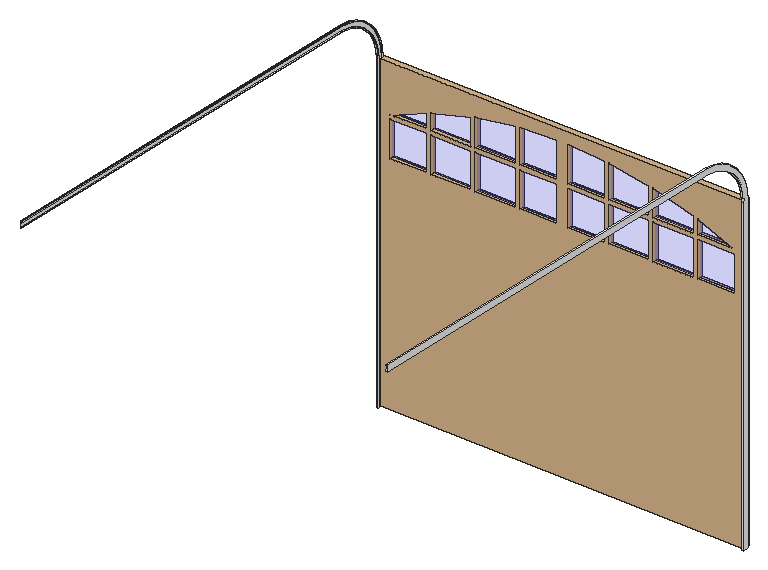
Revit family
Parameters (values of type "7Ft H x 8Ft W")
  Track Width = Width + 0' 2"  # 8' - 2"
  Track Height = Height + 1' 0"  # 8' - 0"
  Track Depth = 10' - 0"
  Track = Metal
  SmartBIM Object Version = 1  # constant formula
  SmartBIM Object Created By = "Reed Construction Data"  # constant formula
  Rough Width = 0' - 0"
  Rough Height = 0' - 0"
  Panel Thickness = 0' - 1 1/2"
  Manufacturer = ""
  Height = 7' - 0"
  Wall Closure = (empty or 0)
  Width = 8' - 0"
  Door Glass = Glass
  Door = Wood
  95 CSI = "08360"  # constant formula
  04 CSI = "08 36 13"  # constant formula
Types (3): name | Track Width | Manufacturer | Width
  (no name) | 8' - 2" | "" | 8' - 0"
  7Ft H x 8Ft W | 8' - 2" | "" | 8' - 0"
  7Ft H x 16Ft W | 16' - 2" | "Reed Construction Data" | 16' - 0"
Reference planes (in)
  plane 1 "Center (Front/Back)": y = 0
  plane 2 "Center (Left/Right)": x = 0
  plane 3 "Left": x = -48
  plane 4 "Right": x = 48
  plane 5 "Top": z = 84
  plane 6: x = -49
  plane 7: x = 49
  plane 8: y = -3.25
  plane 9: z = 60.75
  plane 10: z = 20.25
  plane 11: z = 40.5
  plane 12: z = 81
  plane 13: x = 24
  plane 14: x = -24
  plane 15: y = -2.5
  plane 16: y = -2.5
  plane 17 "Ext": y = -3.25
  plane 18: y = -2.5
  plane 19 "Int": y = -1.75
  plane 20: x = -36
  plane 21: x = -12
  plane 22: x = 12
  plane 23: x = 36
  plane 24: z = 70.875
  plane 25: y = -2.78252
  plane 26: y = -2.21748
Forms (in)
  Extrusion 1, solid, material "Wood" <- "Door"
    sketch origin (0, 0, 0) x (1, 0, 0) y (0, 0, 1)
      loop
        line (-49, 84) -> (-49, 0) -> (49, 0) -> (49, 84) -> (-49, 84)
      loop
        line (46.5, 60.75) -> (46.5, 70.375) -> (36.5, 70.375) -> (36.5, 60.75) -> (46.5, 60.75)
      loop
        line (23.5, 60.75) -> (23.5, 70.375) -> (12.5, 70.375) -> (12.5, 60.75) -> (23.5, 60.75)
      loop
        line (-1.5, 60.75) -> (-1.5, 70.375) -> (-11.5, 70.375) -> (-11.5, 60.75) -> (-1.5, 60.75)
      loop
        line (1.5, 81) -> (1.5, 71.375) -> (11.5, 71.375) -> (11.5, 80.54454)
        arc (11.5, 80.54454) -> (6.50518, 80.88608) -> (1.5, 81) r 110.00731
      loop
        line (-24.5, 60.75) -> (-24.5, 70.375) -> (-35.5, 70.375) -> (-35.5, 60.75) -> (-24.5, 60.75)
      loop
        line (-46.5, 71.375) -> (-36.5, 71.375) -> (-36.5, 75.28367)
        arc (-36.5, 75.28367) -> (-41.54771, 73.45141) -> (-46.5, 71.375) r 110.00731
      loop
        line (-36.5, 60.75) -> (-36.5, 70.375) -> (-46.5, 70.375) -> (-46.5, 60.75) -> (-36.5, 60.75)
      loop
        line (-35.5, 75.61395) -> (-35.5, 71.375) -> (-24.5, 71.375) -> (-24.5, 78.56875)
        arc (-24.5, 78.56875) -> (-30.03827, 77.23381) -> (-35.5, 75.61395) r 110.00731
      loop
        line (-23.5, 71.375) -> (-12.5, 71.375) -> (-12.5, 80.44865)
        arc (-12.5, 80.44865) -> (-18.02114, 79.75233) -> (-23.5, 78.7777) r 110.00731
        line (-23.5, 78.7777) -> (-23.5, 71.375)
      loop
        line (-12.5, 60.75) -> (-12.5, 70.375) -> (-23.5, 70.375) -> (-23.5, 60.75) -> (-12.5, 60.75)
      loop
        line (-11.5, 80.54454) -> (-11.5, 71.375) -> (-1.5, 71.375) -> (-1.5, 81)
        arc (-1.5, 81) -> (-6.50518, 80.88608) -> (-11.5, 80.54454) r 110.00731
      loop
        line (11.5, 60.75) -> (11.5, 70.375) -> (1.5, 70.375) -> (1.5, 60.75) -> (11.5, 60.75)
      loop
        line (12.5, 80.44865) -> (12.5, 71.375) -> (23.5, 71.375) -> (23.5, 78.7777)
        arc (23.5, 78.7777) -> (18.02114, 79.75233) -> (12.5, 80.44865) r 110.00731
      loop
        line (24.5, 71.375) -> (35.5, 71.375) -> (35.5, 75.61395)
        arc (35.5, 75.61395) -> (30.03827, 77.23381) -> (24.5, 78.56875) r 110.00731
        line (24.5, 78.56875) -> (24.5, 71.375)
      loop
        line (35.5, 60.75) -> (35.5, 70.375) -> (24.5, 70.375) -> (24.5, 60.75) -> (35.5, 60.75)
      loop
        line (36.5, 75.28367) -> (36.5, 71.375) -> (46.5, 71.375)
        arc (46.5, 71.375) -> (41.54771, 73.45141) -> (36.5, 75.28367) r 110.00731
    from 1.75 to 3.25
  Extrusion 2, solid, material "Glass" <- "Door Glass"
    sketch origin (0, 0, 0) x (1, 0, 0) y (0, 0, 1)
      loop
        line (-36.5, 81) -> (-46.5, 81) -> (-46.5, 71.375) -> (-36.5, 71.375) -> (-36.5, 81)
      loop
        line (-46.5, 70.375) -> (-46.5, 60.75) -> (-36.5, 60.75) -> (-36.5, 70.375) -> (-46.5, 70.375)
      loop
        line (-24.5, 81) -> (-35.5, 81) -> (-35.5, 71.375) -> (-24.5, 71.375) -> (-24.5, 81)
      loop
        line (-35.5, 70.375) -> (-35.5, 60.75) -> (-24.5, 60.75) -> (-24.5, 70.375) -> (-35.5, 70.375)
      loop
        line (-12.5, 81) -> (-23.5, 81) -> (-23.5, 71.375) -> (-12.5, 71.375) -> (-12.5, 81)
      loop
        line (-23.5, 70.375) -> (-23.5, 60.75) -> (-12.5, 60.75) -> (-12.5, 70.375) -> (-23.5, 70.375)
      loop
        line (-11.5, 70.375) -> (-11.5, 60.75) -> (-1.5, 60.75) -> (-1.5, 70.375) -> (-11.5, 70.375)
      loop
        line (-1.5, 81) -> (-11.5, 81) -> (-11.5, 71.375) -> (-1.5, 71.375) -> (-1.5, 81)
      loop
        line (11.5, 81) -> (1.5, 81) -> (1.5, 71.375) -> (11.5, 71.375) -> (11.5, 81)
      loop
        line (23.5, 81) -> (12.5, 81) -> (12.5, 71.375) -> (23.5, 71.375) -> (23.5, 81)
      loop
        line (1.5, 70.375) -> (1.5, 60.75) -> (11.5, 60.75) -> (11.5, 70.375) -> (1.5, 70.375)
      loop
        line (12.5, 70.375) -> (12.5, 60.75) -> (23.5, 60.75) -> (23.5, 70.375) -> (12.5, 70.375)
      loop
        line (35.5, 81) -> (24.5, 81) -> (24.5, 71.375) -> (35.5, 71.375) -> (35.5, 81)
      loop
        line (24.5, 70.375) -> (24.5, 60.75) -> (35.5, 60.75) -> (35.5, 70.375) -> (24.5, 70.375)
      loop
        line (46.5, 71.375) -> (46.5, 81) -> (36.5, 81) -> (36.5, 71.375) -> (46.5, 71.375)
      loop
        line (36.5, 70.375) -> (36.5, 60.75) -> (46.5, 60.75) -> (46.5, 70.375) -> (36.5, 70.375)
    from 2.375 to 2.625
  Extrusion 3, void
    sketch origin (0, 0, 0) x (1, 0, 0) y (0, 0, 1)
      loop
        line (-36.5, 75.28367) -> (-36.5, 81) -> (-46.5, 81) -> (-46.5, 71.375)
        arc (-46.5, 71.375) -> (-41.54771, 73.45141) -> (-36.5, 75.28367) r 110.00731
      loop
        arc (-35.5, 75.61395) -> (-30.03827, 77.23381) -> (-24.5, 78.56875) r 110.00731
        line (-24.5, 78.56875) -> (-24.5, 81) -> (-35.5, 81) -> (-35.5, 75.61395)
      loop
        arc (-23.5, 78.7777) -> (-18.02114, 79.75233) -> (-12.5, 80.44865) r 110.00731
        line (-12.5, 80.44865) -> (-12.5, 81) -> (-23.5, 81) -> (-23.5, 78.7777)
      loop
        line (-11.5, 81) -> (-11.5, 80.54454)
        arc (-11.5, 80.54454) -> (-6.50518, 80.88608) -> (-1.5, 81) r 110.00731
        line (-1.5, 81) -> (-11.5, 81)
      loop
        line (11.5, 81) -> (1.5, 81)
        arc (1.5, 81) -> (6.50518, 80.88608) -> (11.5, 80.54454) r 110.00731
        line (11.5, 80.54454) -> (11.5, 81)
      loop
        line (12.5, 81) -> (12.5, 80.44865)
        arc (12.5, 80.44865) -> (18.02114, 79.75233) -> (23.5, 78.7777) r 110.00731
        line (23.5, 78.7777) -> (23.5, 81) -> (12.5, 81)
      loop
        line (24.5, 81) -> (24.5, 78.56875)
        arc (24.5, 78.56875) -> (30.03827, 77.23381) -> (35.5, 75.61395) r 110.00731
        line (35.5, 75.61395) -> (35.5, 81) -> (24.5, 81)
      loop
        line (36.5, 81) -> (36.5, 75.28367)
        arc (36.5, 75.28367) -> (41.54771, 73.45141) -> (46.5, 71.375) r 110.00731
        line (46.5, 71.375) -> (46.5, 81) -> (36.5, 81)
    from 2.21748 to 2.78252
Cuts and joins
  Extrusion 3 cuts Extrusion 1
  Extrusion 3 cuts Extrusion 2
Lines and regions (in)
  Opening 1
    outline origin (-90, -1.75, 0) x (1, 0, 0) y (0, 0, 1)
      loop
        line (42, 0) -> (138, 0) -> (138, 84) -> (42, 84) -> (42, 0)
  model lines
    curve 1: line (25.5, -3.25, 59.25) -> (25.5, -3.25, 42)
    curve 2: line (25.5, -3.25, 42) -> (46.5, -3.25, 42)
    curve 3: line (46.5, -3.25, 42) -> (46.5, -3.25, 59.25)
    curve 4: line (46.5, -3.25, 59.25) -> (25.5, -3.25, 59.25)
    curve 5: line (45, -3.25, 57.75) -> (27, -3.25, 57.75)
    curve 6: line (27, -3.25, 57.75) -> (27, -3.25, 43.5)
    curve 7: line (27, -3.25, 43.5) -> (45, -3.25, 43.5)
    curve 8: line (45, -3.25, 43.5) -> (45, -3.25, 57.75)
    curve 9: line (1.5, -3.25, 59.25) -> (1.5, -3.25, 42)
    curve 10: line (1.5, -3.25, 42) -> (22.5, -3.25, 42)
    curve 11: line (22.5, -3.25, 42) -> (22.5, -3.25, 59.25)
    curve 12: line (22.5, -3.25, 59.25) -> (1.5, -3.25, 59.25)
    curve 13: line (21, -3.25, 57.75) -> (3, -3.25, 57.75)
    curve 14: line (3, -3.25, 57.75) -> (3, -3.25, 43.5)
    curve 15: line (3, -3.25, 43.5) -> (21, -3.25, 43.5)
    curve 16: line (21, -3.25, 43.5) -> (21, -3.25, 57.75)
    curve 17: line (-1.5, -3.25, 59.25) -> (-1.5, -3.25, 42)
    curve 18: line (-1.5, -3.25, 42) -> (-22.5, -3.25, 42)
    curve 19: line (-22.5, -3.25, 42) -> (-22.5, -3.25, 59.25)
    curve 20: line (-22.5, -3.25, 59.25) -> (-1.5, -3.25, 59.25)
    curve 21: line (-21, -3.25, 57.75) -> (-3, -3.25, 57.75)
    curve 22: line (-3, -3.25, 57.75) -> (-3, -3.25, 43.5)
    curve 23: line (-3, -3.25, 43.5) -> (-21, -3.25, 43.5)
    curve 24: line (-21, -3.25, 43.5) -> (-21, -3.25, 57.75)
    curve 25: line (-46.5, -3.25, 59.25) -> (-46.5, -3.25, 42)
    curve 26: line (-46.5, -3.25, 42) -> (-25.5, -3.25, 42)
    curve 27: line (-25.5, -3.25, 42) -> (-25.5, -3.25, 59.25)
    curve 28: line (-25.5, -3.25, 59.25) -> (-46.5, -3.25, 59.25)
    curve 29: line (-27, -3.25, 57.75) -> (-45, -3.25, 57.75)
    curve 30: line (-45, -3.25, 57.75) -> (-45, -3.25, 43.5)
    curve 31: line (-45, -3.25, 43.5) -> (-27, -3.25, 43.5)
    curve 32: line (-27, -3.25, 43.5) -> (-27, -3.25, 57.75)
    curve 33: line (-46.5, -3.25, 39) -> (-46.5, -3.25, 21.75)
    curve 34: line (-46.5, -3.25, 21.75) -> (-25.5, -3.25, 21.75)
    curve 35: line (-25.5, -3.25, 21.75) -> (-25.5, -3.25, 39)
    curve 36: line (-25.5, -3.25, 39) -> (-46.5, -3.25, 39)
    curve 37: line (-27, -3.25, 37.5) -> (-45, -3.25, 37.5)
    curve 38: line (-45, -3.25, 37.5) -> (-45, -3.25, 23.25)
    curve 39: line (-45, -3.25, 23.25) -> (-27, -3.25, 23.25)
    curve 40: line (-27, -3.25, 23.25) -> (-27, -3.25, 37.5)
    curve 41: line (-22.5, -3.25, 39) -> (-22.5, -3.25, 21.75)
    curve 42: line (-22.5, -3.25, 21.75) -> (-1.5, -3.25, 21.75)
    curve 43: line (-1.5, -3.25, 21.75) -> (-1.5, -3.25, 39)
    curve 44: line (-1.5, -3.25, 39) -> (-22.5, -3.25, 39)
    curve 45: line (-3, -3.25, 37.5) -> (-21, -3.25, 37.5)
    curve 46: line (-21, -3.25, 37.5) -> (-21, -3.25, 23.25)
    curve 47: line (-21, -3.25, 23.25) -> (-3, -3.25, 23.25)
    curve 48: line (-3, -3.25, 23.25) -> (-3, -3.25, 37.5)
    curve 49: line (22.5, -3.25, 39) -> (22.5, -3.25, 21.75)
    curve 50: line (22.5, -3.25, 21.75) -> (1.5, -3.25, 21.75)
    curve 51: line (1.5, -3.25, 21.75) -> (1.5, -3.25, 39)
    curve 52: line (1.5, -3.25, 39) -> (22.5, -3.25, 39)
    curve 53: line (3, -3.25, 37.5) -> (21, -3.25, 37.5)
    curve 54: line (21, -3.25, 37.5) -> (21, -3.25, 23.25)
    curve 55: line (21, -3.25, 23.25) -> (3, -3.25, 23.25)
    curve 56: line (3, -3.25, 23.25) -> (3, -3.25, 37.5)
    curve 57: line (25.5, -3.25, 39) -> (25.5, -3.25, 21.75)
    curve 58: line (25.5, -3.25, 21.75) -> (46.5, -3.25, 21.75)
    curve 59: line (46.5, -3.25, 21.75) -> (46.5, -3.25, 39)
    curve 60: line (46.5, -3.25, 39) -> (25.5, -3.25, 39)
    curve 61: line (45, -3.25, 37.5) -> (27, -3.25, 37.5)
    curve 62: line (27, -3.25, 37.5) -> (27, -3.25, 23.25)
    curve 63: line (27, -3.25, 23.25) -> (45, -3.25, 23.25)
    curve 64: line (45, -3.25, 23.25) -> (45, -3.25, 37.5)
    curve 65: line (-46.5, -3.25, 1.5) -> (-46.5, -3.25, 18.75)
    curve 66: line (-46.5, -3.25, 18.75) -> (-25.5, -3.25, 18.75)
    curve 67: line (-25.5, -3.25, 18.75) -> (-25.5, -3.25, 1.5)
    curve 68: line (-25.5, -3.25, 1.5) -> (-46.5, -3.25, 1.5)
    curve 69: line (-27, -3.25, 3) -> (-45, -3.25, 3)
    curve 70: line (-45, -3.25, 3) -> (-45, -3.25, 17.25)
    curve 71: line (-45, -3.25, 17.25) -> (-27, -3.25, 17.25)
    curve 72: line (-27, -3.25, 17.25) -> (-27, -3.25, 3)
    curve 73: line (-1.5, -3.25, 1.5) -> (-1.5, -3.25, 18.75)
    curve 74: line (-1.5, -3.25, 18.75) -> (-22.5, -3.25, 18.75)
    curve 75: line (-22.5, -3.25, 18.75) -> (-22.5, -3.25, 1.5)
    curve 76: line (-22.5, -3.25, 1.5) -> (-1.5, -3.25, 1.5)
    curve 77: line (-21, -3.25, 3) -> (-3, -3.25, 3)
    curve 78: line (-3, -3.25, 3) -> (-3, -3.25, 17.25)
    curve 79: line (-3, -3.25, 17.25) -> (-21, -3.25, 17.25)
    curve 80: line (-21, -3.25, 17.25) -> (-21, -3.25, 3)
    curve 81: line (1.5, -3.25, 1.5) -> (1.5, -3.25, 18.75)
    curve 82: line (1.5, -3.25, 18.75) -> (22.5, -3.25, 18.75)
    curve 83: line (22.5, -3.25, 18.75) -> (22.5, -3.25, 1.5)
    curve 84: line (22.5, -3.25, 1.5) -> (1.5, -3.25, 1.5)
    curve 85: line (21, -3.25, 3) -> (3, -3.25, 3)
    curve 86: line (3, -3.25, 3) -> (3, -3.25, 17.25)
    curve 87: line (3, -3.25, 17.25) -> (21, -3.25, 17.25)
    curve 88: line (21, -3.25, 17.25) -> (21, -3.25, 3)
    curve 89: line (46.5, -3.25, 1.5) -> (46.5, -3.25, 18.75)
    curve 90: line (46.5, -3.25, 18.75) -> (25.5, -3.25, 18.75)
    curve 91: line (25.5, -3.25, 18.75) -> (25.5, -3.25, 1.5)
    curve 92: line (25.5, -3.25, 1.5) -> (46.5, -3.25, 1.5)
    curve 93: line (27, -3.25, 3) -> (45, -3.25, 3)
    curve 94: line (45, -3.25, 3) -> (45, -3.25, 17.25)
    curve 95: line (45, -3.25, 17.25) -> (27, -3.25, 17.25)
    curve 96: line (27, -3.25, 17.25) -> (27, -3.25, 3)
    curve 97: line (25.5, -1.75, 59.25) -> (25.5, -1.75, 42)
    curve 98: line (25.5, -1.75, 42) -> (46.5, -1.75, 42)
    curve 99: line (46.5, -1.75, 42) -> (46.5, -1.75, 59.25)
    curve 100: line (46.5, -1.75, 59.25) -> (25.5, -1.75, 59.25)
    curve 101: line (45, -1.75, 57.75) -> (27, -1.75, 57.75)
    curve 102: line (27, -1.75, 57.75) -> (27, -1.75, 43.5)
    curve 103: line (27, -1.75, 43.5) -> (45, -1.75, 43.5)
    curve 104: line (45, -1.75, 43.5) -> (45, -1.75, 57.75)
    curve 105: line (1.5, -1.75, 59.25) -> (1.5, -1.75, 42)
    curve 106: line (1.5, -1.75, 42) -> (22.5, -1.75, 42)
    curve 107: line (22.5, -1.75, 42) -> (22.5, -1.75, 59.25)
    curve 108: line (22.5, -1.75, 59.25) -> (1.5, -1.75, 59.25)
    curve 109: line (21, -1.75, 57.75) -> (3, -1.75, 57.75)
    curve 110: line (3, -1.75, 57.75) -> (3, -1.75, 43.5)
    curve 111: line (3, -1.75, 43.5) -> (21, -1.75, 43.5)
    curve 112: line (21, -1.75, 43.5) -> (21, -1.75, 57.75)
    curve 113: line (-1.5, -1.75, 59.25) -> (-1.5, -1.75, 42)
    curve 114: line (-1.5, -1.75, 42) -> (-22.5, -1.75, 42)
    curve 115: line (-22.5, -1.75, 42) -> (-22.5, -1.75, 59.25)
    curve 116: line (-22.5, -1.75, 59.25) -> (-1.5, -1.75, 59.25)
    curve 117: line (-21, -1.75, 57.75) -> (-3, -1.75, 57.75)
    curve 118: line (-3, -1.75, 57.75) -> (-3, -1.75, 43.5)
    curve 119: line (-3, -1.75, 43.5) -> (-21, -1.75, 43.5)
    curve 120: line (-21, -1.75, 43.5) -> (-21, -1.75, 57.75)
    curve 121: line (-46.5, -1.75, 59.25) -> (-46.5, -1.75, 42)
    curve 122: line (-46.5, -1.75, 42) -> (-25.5, -1.75, 42)
    curve 123: line (-25.5, -1.75, 42) -> (-25.5, -1.75, 59.25)
    curve 124: line (-25.5, -1.75, 59.25) -> (-46.5, -1.75, 59.25)
    curve 125: line (-27, -1.75, 57.75) -> (-45, -1.75, 57.75)
    curve 126: line (-45, -1.75, 57.75) -> (-45, -1.75, 43.5)
    curve 127: line (-45, -1.75, 43.5) -> (-27, -1.75, 43.5)
    curve 128: line (-27, -1.75, 43.5) -> (-27, -1.75, 57.75)
    curve 129: line (-46.5, -1.75, 39) -> (-46.5, -1.75, 21.75)
    curve 130: line (-46.5, -1.75, 21.75) -> (-25.5, -1.75, 21.75)
    curve 131: line (-25.5, -1.75, 21.75) -> (-25.5, -1.75, 39)
    curve 132: line (-25.5, -1.75, 39) -> (-46.5, -1.75, 39)
    curve 133: line (-27, -1.75, 37.5) -> (-45, -1.75, 37.5)
    curve 134: line (-45, -1.75, 37.5) -> (-45, -1.75, 23.25)
    curve 135: line (-45, -1.75, 23.25) -> (-27, -1.75, 23.25)
    curve 136: line (-27, -1.75, 23.25) -> (-27, -1.75, 37.5)
    curve 137: line (-22.5, -1.75, 39) -> (-22.5, -1.75, 21.75)
    curve 138: line (-22.5, -1.75, 21.75) -> (-1.5, -1.75, 21.75)
    curve 139: line (-1.5, -1.75, 21.75) -> (-1.5, -1.75, 39)
    curve 140: line (-1.5, -1.75, 39) -> (-22.5, -1.75, 39)
    curve 141: line (-3, -1.75, 37.5) -> (-21, -1.75, 37.5)
    curve 142: line (-21, -1.75, 37.5) -> (-21, -1.75, 23.25)
    curve 143: line (-21, -1.75, 23.25) -> (-3, -1.75, 23.25)
    curve 144: line (-3, -1.75, 23.25) -> (-3, -1.75, 37.5)
    curve 145: line (22.5, -1.75, 39) -> (22.5, -1.75, 21.75)
    curve 146: line (22.5, -1.75, 21.75) -> (1.5, -1.75, 21.75)
    curve 147: line (1.5, -1.75, 21.75) -> (1.5, -1.75, 39)
    curve 148: line (1.5, -1.75, 39) -> (22.5, -1.75, 39)
    curve 149: line (3, -1.75, 37.5) -> (21, -1.75, 37.5)
    curve 150: line (21, -1.75, 37.5) -> (21, -1.75, 23.25)
    curve 151: line (21, -1.75, 23.25) -> (3, -1.75, 23.25)
    curve 152: line (3, -1.75, 23.25) -> (3, -1.75, 37.5)
    curve 153: line (25.5, -1.75, 39) -> (25.5, -1.75, 21.75)
    curve 154: line (25.5, -1.75, 21.75) -> (46.5, -1.75, 21.75)
    curve 155: line (46.5, -1.75, 21.75) -> (46.5, -1.75, 39)
    curve 156: line (46.5, -1.75, 39) -> (25.5, -1.75, 39)
    curve 157: line (45, -1.75, 37.5) -> (27, -1.75, 37.5)
    curve 158: line (27, -1.75, 37.5) -> (27, -1.75, 23.25)
    curve 159: line (27, -1.75, 23.25) -> (45, -1.75, 23.25)
    curve 160: line (45, -1.75, 23.25) -> (45, -1.75, 37.5)
    curve 161: line (-46.5, -1.75, 1.5) -> (-46.5, -1.75, 18.75)
    curve 162: line (-46.5, -1.75, 18.75) -> (-25.5, -1.75, 18.75)
    curve 163: line (-25.5, -1.75, 18.75) -> (-25.5, -1.75, 1.5)
    curve 164: line (-25.5, -1.75, 1.5) -> (-46.5, -1.75, 1.5)
    curve 165: line (-27, -1.75, 3) -> (-45, -1.75, 3)
    curve 166: line (-45, -1.75, 3) -> (-45, -1.75, 17.25)
    curve 167: line (-45, -1.75, 17.25) -> (-27, -1.75, 17.25)
    curve 168: line (-27, -1.75, 17.25) -> (-27, -1.75, 3)
    curve 169: line (-1.5, -1.75, 1.5) -> (-1.5, -1.75, 18.75)
    curve 170: line (-1.5, -1.75, 18.75) -> (-22.5, -1.75, 18.75)
    curve 171: line (-22.5, -1.75, 18.75) -> (-22.5, -1.75, 1.5)
    curve 172: line (-22.5, -1.75, 1.5) -> (-1.5, -1.75, 1.5)
    curve 173: line (-21, -1.75, 3) -> (-3, -1.75, 3)
    curve 174: line (-3, -1.75, 3) -> (-3, -1.75, 17.25)
    curve 175: line (-3, -1.75, 17.25) -> (-21, -1.75, 17.25)
    curve 176: line (-21, -1.75, 17.25) -> (-21, -1.75, 3)
    curve 177: line (1.5, -1.75, 1.5) -> (1.5, -1.75, 18.75)
    curve 178: line (1.5, -1.75, 18.75) -> (22.5, -1.75, 18.75)
    curve 179: line (22.5, -1.75, 18.75) -> (22.5, -1.75, 1.5)
    curve 180: line (22.5, -1.75, 1.5) -> (1.5, -1.75, 1.5)
    curve 181: line (21, -1.75, 3) -> (3, -1.75, 3)
    curve 182: line (3, -1.75, 3) -> (3, -1.75, 17.25)
    curve 183: line (3, -1.75, 17.25) -> (21, -1.75, 17.25)
    curve 184: line (21, -1.75, 17.25) -> (21, -1.75, 3)
    curve 185: line (46.5, -1.75, 1.5) -> (46.5, -1.75, 18.75)
    curve 186: line (46.5, -1.75, 18.75) -> (25.5, -1.75, 18.75)
    curve 187: line (25.5, -1.75, 18.75) -> (25.5, -1.75, 1.5)
    curve 188: line (25.5, -1.75, 1.5) -> (46.5, -1.75, 1.5)
    curve 189: line (27, -1.75, 3) -> (45, -1.75, 3)
    curve 190: line (45, -1.75, 3) -> (45, -1.75, 17.25)
    curve 191: line (45, -1.75, 17.25) -> (27, -1.75, 17.25)
    curve 192: line (27, -1.75, 17.25) -> (27, -1.75, 3)
    curve 193: line (3, -1.75, 57.75) -> (1.5, -1.75, 59.25)
    curve 194: line (3, -1.75, 43.5) -> (1.5, -1.75, 42)
    curve 195: line (21, -1.75, 57.75) -> (22.5, -1.75, 59.25)
    curve 196: line (21, -1.75, 43.5) -> (22.5, -1.75, 42)
    curve 197: line (45, -1.75, 57.75) -> (46.5, -1.75, 59.25)
    curve 198: line (45, -1.75, 43.5) -> (46.5, -1.75, 42)
    curve 199: line (27, -1.75, 57.75) -> (25.5, -1.75, 59.25)
    curve 200: line (27, -1.75, 43.5) -> (25.5, -1.75, 42)
    curve 201: line (45, -1.75, 23.25) -> (46.5, -1.75, 21.75)
    curve 202: line (45, -1.75, 37.5) -> (46.5, -1.75, 39)
    curve 203: line (27, -1.75, 23.25) -> (25.5, -1.75, 21.75)
    curve 204: line (27, -1.75, 37.5) -> (25.5, -1.75, 39)
    curve 205: line (45, -1.75, 17.25) -> (46.5, -1.75, 18.75)
    curve 206: line (45, -1.75, 3) -> (46.5, -1.75, 1.5)
    curve 207: line (27, -1.75, 17.25) -> (25.5, -1.75, 18.75)
    curve 208: line (27, -1.75, 3) -> (25.5, -1.75, 1.5)
    curve 209: line (3, -1.75, 17.25) -> (1.5, -1.75, 18.75)
    curve 210: line (3, -1.75, 3) -> (1.5, -1.75, 1.5)
    curve 211: line (21, -1.75, 17.25) -> (22.5, -1.75, 18.75)
    curve 212: line (21, -1.75, 3) -> (22.5, -1.75, 1.5)
    curve 213: line (-3, -1.75, 17.25) -> (-1.5, -1.75, 18.75)
    curve 214: line (-3, -1.75, 3) -> (-1.5, -1.75, 1.5)
    curve 215: line (-21, -1.75, 17.25) -> (-22.5, -1.75, 18.75)
    curve 216: line (-21, -1.75, 3) -> (-22.5, -1.75, 1.5)
    curve 217: line (-45, -1.75, 17.25) -> (-46.5, -1.75, 18.75)
    curve 218: line (-45, -1.75, 3) -> (-46.5, -1.75, 1.5)
    curve 219: line (-27, -1.75, 17.25) -> (-25.5, -1.75, 18.75)
    curve 220: line (-27, -1.75, 3) -> (-25.5, -1.75, 1.5)
    curve 221: line (-45, -1.75, 23.25) -> (-46.5, -1.75, 21.75)
    curve 222: line (-45, -1.75, 37.5) -> (-46.5, -1.75, 39)
    curve 223: line (-27, -1.75, 23.25) -> (-25.5, -1.75, 21.75)
    curve 224: line (-27, -1.75, 37.5) -> (-25.5, -1.75, 39)
    curve 225: line (-3, -1.75, 23.25) -> (-1.5, -1.75, 21.75)
    curve 226: line (-3, -1.75, 37.5) -> (-1.5, -1.75, 39)
    curve 227: line (-21, -1.75, 23.25) -> (-22.5, -1.75, 21.75)
    curve 228: line (-21, -1.75, 37.5) -> (-22.5, -1.75, 39)
    curve 229: line (3, -1.75, 23.25) -> (1.5, -1.75, 21.75)
    curve 230: line (3, -1.75, 37.5) -> (1.5, -1.75, 39)
    curve 231: line (21, -1.75, 23.25) -> (22.5, -1.75, 21.75)
    curve 232: line (21, -1.75, 37.5) -> (22.5, -1.75, 39)
    curve 233: line (-3, -1.75, 57.75) -> (-1.5, -1.75, 59.25)
    curve 234: line (-3, -1.75, 43.5) -> (-1.5, -1.75, 42)
    curve 235: line (-21, -1.75, 57.75) -> (-22.5, -1.75, 59.25)
    curve 236: line (-21, -1.75, 43.5) -> (-22.5, -1.75, 42)
    curve 237: line (-45, -1.75, 57.75) -> (-46.5, -1.75, 59.25)
    curve 238: line (-45, -1.75, 43.5) -> (-46.5, -1.75, 42)
    curve 239: line (-27, -1.75, 57.75) -> (-25.5, -1.75, 59.25)
    curve 240: line (-27, -1.75, 43.5) -> (-25.5, -1.75, 42)
    curve 241: line (-45, -3.25, 57.75) -> (-46.5, -3.25, 59.25)
    curve 242: line (-27, -3.25, 57.75) -> (-25.5, -3.25, 59.25)
    curve 243: line (-45, -3.25, 43.5) -> (-46.5, -3.25, 42)
    curve 244: line (-27, -3.25, 43.5) -> (-25.5, -3.25, 42)
    curve 245: line (-3, -3.25, 57.75) -> (-1.5, -3.25, 59.25)
    curve 246: line (-21, -3.25, 57.75) -> (-22.5, -3.25, 59.25)
    curve 247: line (-3, -3.25, 43.5) -> (-1.5, -3.25, 42)
    curve 248: line (-21, -3.25, 43.5) -> (-22.5, -3.25, 42)
    curve 249: line (3, -3.25, 57.75) -> (1.5, -3.25, 59.25)
    curve 250: line (21, -3.25, 57.75) -> (22.5, -3.25, 59.25)
    curve 251: line (3, -3.25, 43.5) -> (1.5, -3.25, 42)
    curve 252: line (21, -3.25, 43.5) -> (22.5, -3.25, 42)
    curve 253: line (45, -3.25, 57.75) -> (46.5, -3.25, 59.25)
    curve 254: line (27, -3.25, 57.75) -> (25.5, -3.25, 59.25)
    curve 255: line (45, -3.25, 43.5) -> (46.5, -3.25, 42)
    curve 256: line (27, -3.25, 43.5) -> (25.5, -3.25, 42)
    curve 257: line (45, -3.25, 23.25) -> (46.5, -3.25, 21.75)
    curve 258: line (27, -3.25, 23.25) -> (25.5, -3.25, 21.75)
    curve 259: line (45, -3.25, 37.5) -> (46.5, -3.25, 39)
    curve 260: line (27, -3.25, 37.5) -> (25.5, -3.25, 39)
    curve 261: line (3, -3.25, 23.25) -> (1.5, -3.25, 21.75)
    curve 262: line (21, -3.25, 23.25) -> (22.5, -3.25, 21.75)
    curve 263: line (3, -3.25, 37.5) -> (1.5, -3.25, 39)
    curve 264: line (21, -3.25, 37.5) -> (22.5, -3.25, 39)
    curve 265: line (-3, -3.25, 23.25) -> (-1.5, -3.25, 21.75)
    curve 266: line (-21, -3.25, 23.25) -> (-22.5, -3.25, 21.75)
    curve 267: line (-3, -3.25, 37.5) -> (-1.5, -3.25, 39)
    curve 268: line (-21, -3.25, 37.5) -> (-22.5, -3.25, 39)
    curve 269: line (-45, -3.25, 23.25) -> (-46.5, -3.25, 21.75)
    curve 270: line (-27, -3.25, 23.25) -> (-25.5, -3.25, 21.75)
    curve 271: line (-45, -3.25, 37.5) -> (-46.5, -3.25, 39)
    curve 272: line (-27, -3.25, 37.5) -> (-25.5, -3.25, 39)
    curve 273: line (-45, -3.25, 17.25) -> (-46.5, -3.25, 18.75)
    curve 274: line (-27, -3.25, 17.25) -> (-25.5, -3.25, 18.75)
    curve 275: line (-45, -3.25, 3) -> (-46.5, -3.25, 1.5)
    curve 276: line (-27, -3.25, 3) -> (-25.5, -3.25, 1.5)
    curve 277: line (-3, -3.25, 17.25) -> (-1.5, -3.25, 18.75)
    curve 278: line (-21, -3.25, 17.25) -> (-22.5, -3.25, 18.75)
    curve 279: line (-3, -3.25, 3) -> (-1.5, -3.25, 1.5)
    curve 280: line (-21, -3.25, 3) -> (-22.5, -3.25, 1.5)
    curve 281: line (3, -3.25, 17.25) -> (1.5, -3.25, 18.75)
    curve 282: line (21, -3.25, 17.25) -> (22.5, -3.25, 18.75)
    curve 283: line (3, -3.25, 3) -> (1.5, -3.25, 1.5)
    curve 284: line (21, -3.25, 3) -> (22.5, -3.25, 1.5)
    curve 285: line (45, -3.25, 17.25) -> (46.5, -3.25, 18.75)
    curve 286: line (27, -3.25, 17.25) -> (25.5, -3.25, 18.75)
    curve 287: line (45, -3.25, 3) -> (46.5, -3.25, 1.5)
    curve 288: line (27, -3.25, 3) -> (25.5, -3.25, 1.5)
Text (in)
  text "Exterior" at (-74.96733, 27.31104, 0), in view "Ref. Level"
  text "Interior" at (-76.69036, -30.31274, 0), in view "Ref. Level"
  text "Exterior" at (0, 40.15149, 123.01588), in view "Right"
  text "Interior" at (0, -64.39139, 123.01588), in view "Right"
  text "Interior" at (0, -31.01599, 123.00693), in view "Left"
  text "Exterior" at (0, 54.57065, 123.00693), in view "Left"
Dimensions and locks (in)
  equal spacing: plane 3 "Left", plane 2 "Center (Left/Right)", plane 4 "Right"
  "Height": level to plane 5 "Top"
  "Width": plane 3 "Left" to plane 4 "Right"
  locked: plane 6 to plane 3 "Left" at 1
  locked: plane 4 "Right" to plane 7 at 1
  locked: plane 12 to plane 5 "Top" at 3
  equal spacing: level, plane 10, plane 11, plane 9, plane 12
  equal spacing: plane 2 "Center (Left/Right)", plane 13, plane 4 "Right"
  equal spacing: plane 2 "Center (Left/Right)", plane 14, plane 3 "Left"
  equal spacing: Extrusion 1 sketch curve, plane 2 "Center (Left/Right)", Extrusion 1 sketch curve, locked at 1.5 each
  locked: Extrusion 1 sketch curve to Extrusion 1 sketch curve at 3
  locked: Extrusion 2 to Extrusion 2 at 0.25  (x2)
  host wall to plane 15 to plane 8 = 0' - 0 3/4", 0' - 0 3/4"
  equal spacing: Extrusion 2, plane 16, Extrusion 2
  curve 8 to curve 3 to plane 4 "Right" = 0' - 1 1/2" locked, 0' - 1 1/2" locked
  curve 5 to curve 4 to plane 9 = 0' - 1 1/2" locked, 0' - 1 1/2" locked
  curve 6 to curve 1 to plane 13 = 0' - 1 1/2" locked, 0' - 1 1/2" locked
  plane 11 to curve 2 to curve 7 = 0' - 1 1/2" locked, 0' - 1 1/2" locked
  curve 16 to curve 11 to plane 13 = 0' - 1 1/2" locked, 0' - 1 1/2" locked
  curve 14 to curve 9 to plane 2 "Center (Left/Right)" = 0' - 1 1/2" locked, 0' - 1 1/2" locked
  plane 2 "Center (Left/Right)" to curve 17 to curve 22 = 0' - 1 1/2" locked, 0' - 1 1/2" locked
  plane 14 to curve 24 = 0' - 3"
  curve 32 to curve 27 to plane 14 = 0' - 1 1/2" locked, 0' - 1 1/2" locked
  plane 3 "Left" to curve 25 to curve 30 = 0' - 1 1/2" locked, 0' - 1 1/2" locked
  plane 11 to curve 36 to curve 37 = 0' - 1 1/2" locked, 0' - 1 1/2" locked
  curve 39 to curve 34 to plane 10 = 0' - 1 1/2" locked, 0' - 1 1/2" locked
  plane 10 to curve 66 to curve 71 = 0' - 1 1/2" locked, 0' - 1 1/2" locked
  curve 69 to curve 68 to level = 0' - 1 1/2" locked, 0' - 1 1/2" locked
  equal spacing: plane 17 "Ext", plane 18, plane 19 "Int"
  locked: curve 104 to curve 99 at 1.5
  locked: curve 101 to curve 100 at 1.5
  locked: curve 102 to curve 97 at 1.5
  locked: curve 98 to curve 103 at 1.5
  locked: curve 112 to curve 107 at 1.5
  locked: curve 110 to curve 105 at 1.5
  locked: curve 113 to curve 118 at 1.5
  locked: curve 128 to curve 123 at 1.5
  locked: curve 121 to curve 126 at 1.5
  locked: curve 132 to curve 133 at 1.5
  locked: curve 135 to curve 130 at 1.5
  locked: curve 162 to curve 167 at 1.5
  locked: curve 165 to curve 164 at 1.5
  "Panel Thickness": plane 19 "Int" to plane 17 "Ext"
  equal spacing: Extrusion 1 sketch curve, plane 23, Extrusion 1 sketch curve
  equal spacing: plane 13, plane 23, plane 4 "Right"
  equal spacing: plane 13, plane 22, plane 2 "Center (Left/Right)"
  equal spacing: Extrusion 1 sketch curve, plane 22, Extrusion 1 sketch curve, locked at 0.5 each
  locked: Extrusion 1 sketch curve to Extrusion 1 sketch curve at 1  (x4)
  equal spacing: plane 2 "Center (Left/Right)", plane 21, plane 14
  equal spacing: Extrusion 1 sketch curve, plane 21, Extrusion 1 sketch curve, locked at 0.5 each
  equal spacing: plane 3 "Left", plane 20, plane 14
  equal spacing: Extrusion 1 sketch curve, plane 20, Extrusion 1 sketch curve, locked at 0.5 each
  equal spacing: plane 12, plane 24, plane 9
  equal spacing: Extrusion 1 sketch curve, plane 24, Extrusion 1 sketch curve
  locked: plane 14 to Extrusion 1 sketch curve at 0.5  (x2)
  locked: Extrusion 1 sketch curve to plane 14 at 0.5  (x2)
  locked: plane 13 to Extrusion 1 sketch curve at 0.5  (x2)
  locked: Extrusion 1 sketch curve to plane 13 at 0.5  (x2)
  plane 13 to plane 4 "Right" = 2' - 0"
  Extrusion 1 to Extrusion 1 = 0' - 10"  (x4)
  Extrusion 1 to Extrusion 1 = 0' - 11"  (x4)
  equal spacing: plane 26, plane 18, plane 25
  locked: plane 26 to plane 25 at 0.56505
  aligned and locked: plane 3 "Left" to Opening 1 sketch curve
  aligned and locked: plane 5 "Top" to Opening 1 sketch curve  (x2)
  aligned and locked: Opening 1 sketch curve to plane 4 "Right"
  aligned and locked: Opening 1 sketch curve to level
  aligned and locked: Extrusion 1 sketch curve to plane 6
  aligned and locked: Extrusion 1 sketch curve to plane 7
  aligned and locked: Extrusion 1 sketch curve to level
  aligned and locked: Extrusion 1 sketch curve to host wall
  aligned and locked: plane 9 to Extrusion 1 sketch curve  (x4)
  aligned and locked: Extrusion 1 sketch curve to plane 9
  aligned and locked: plane 15 to plane 16
  aligned and locked: curve 30 to curve 38
  aligned and locked: curve 25 to curve 33
  aligned and locked: curve 40 to curve 32
  aligned and locked: curve 35 to curve 27
  aligned and locked: curve 19 to curve 41
  aligned and locked: curve 24 to curve 46
  aligned and locked: curve 44 to curve 36
  aligned and locked: curve 45 to curve 37
  aligned and locked: curve 39 to curve 47
  aligned and locked: curve 34 to curve 42
  aligned and locked: curve 48 to curve 22
  aligned and locked: curve 43 to curve 17
  aligned and locked: curve 44 to curve 52
  aligned and locked: curve 45 to curve 53
  aligned and locked: curve 55 to curve 47
  aligned and locked: curve 50 to curve 42
  aligned and locked: curve 51 to curve 9
  aligned and locked: curve 56 to curve 14
  aligned and locked: curve 11 to curve 49
  aligned and locked: curve 16 to curve 54
  aligned and locked: curve 60 to curve 52
  aligned and locked: curve 61 to curve 53
  aligned and locked: curve 55 to curve 63
  aligned and locked: curve 50 to curve 58
  aligned and locked: curve 1 to curve 57
  aligned and locked: curve 6 to curve 62
  aligned and locked: curve 64 to curve 8
  aligned and locked: curve 59 to curve 3
  aligned and locked: curve 65 to curve 33
  aligned and locked: curve 70 to curve 38
  aligned and locked: curve 40 to curve 72
  aligned and locked: curve 35 to curve 67
  aligned and locked: curve 68 to curve 76
  aligned and locked: curve 74 to curve 66
  aligned and locked: curve 41 to curve 75
  aligned and locked: curve 46 to curve 80
  aligned and locked: curve 78 to curve 48
  aligned and locked: curve 73 to curve 43
  aligned and locked: curve 81 to curve 51
  aligned and locked: curve 86 to curve 56
  aligned and locked: curve 54 to curve 88
  aligned and locked: curve 49 to curve 83
  aligned and locked: curve 74 to curve 82
  aligned and locked: curve 79 to curve 87
  aligned and locked: curve 84 to curve 76
  aligned and locked: curve 85 to curve 77
  aligned and locked: curve 90 to curve 82
  aligned and locked: curve 95 to curve 87
  aligned and locked: curve 84 to curve 92
  aligned and locked: curve 85 to curve 93
  aligned and locked: curve 57 to curve 91
  aligned and locked: curve 62 to curve 96
  aligned and locked: curve 94 to curve 64
  aligned and locked: curve 89 to curve 59
  aligned and locked: host wall to plane 19 "Int"
  aligned and locked: plane 16 to plane 18
  aligned and locked: plane 17 "Ext" to Extrusion 1
  aligned and locked: Extrusion 1 to host wall
  aligned and locked: curve 241 to curve 237
  aligned and locked: Extrusion 1 sketch curve to Extrusion 1 sketch curve  (x17)
  aligned and locked: Extrusion 2 sketch curve to Extrusion 1  (x56)
  aligned and locked: nested 1 to plane 2 "Center (Left/Right)"
  aligned and locked: nested 1 to plane 17 "Ext"
  aligned and locked: plane 12 to Extrusion 2 sketch curve
  aligned and locked: Extrusion 2 to Extrusion 3 sketch curve  (x6)
  aligned and locked: Extrusion 3 sketch curve to Extrusion 1  (x8)
  aligned and locked: Extrusion 3 sketch curve to Extrusion 2  (x14)
  aligned and locked: Extrusion 3 to plane 25
  aligned and locked: Extrusion 3 to plane 26
Automatic sketch dimensions
  curve 124 to plane 3 "Left" = 0' - 1 1/2"
  curve 222 to plane 3 "Left" = 0' - 1 1/2"
  curve 218 to plane 3 "Left" = 0' - 1 1/2"
  curve 161 to curve 217 = 0' - 1 1/2"
  curve 129 to curve 222 = 0' - 1 1/2"
  plane 14 to curve 135 = 0' - 3"
  plane 14 to curve 168 = 0' - 3"
  plane 14 to curve 128 = 0' - 3"
  plane 14 to curve 164 = 0' - 1 1/2"
  plane 14 to curve 224 = 0' - 1 1/2"
  curve 115 to plane 14 = 0' - 1 1/2"
  curve 216 to plane 14 = 0' - 1 1/2"
  curve 227 to plane 14 = 0' - 1 1/2"
  curve 137 to curve 142 = 0' - 1 1/2"
  curve 114 to curve 119 = 0' - 1 1/2"
  curve 171 to curve 173 = 0' - 1 1/2"
  curve 119 to plane 2 "Center (Left/Right)" = 0' - 3"
  curve 214 to plane 2 "Center (Left/Right)" = 0' - 3"
  curve 226 to plane 2 "Center (Left/Right)" = 0' - 3"
  curve 169 to plane 2 "Center (Left/Right)" = 0' - 1 1/2"
  curve 140 to plane 2 "Center (Left/Right)" = 0' - 1 1/2"
  plane 2 "Center (Left/Right)" to curve 194 = 0' - 1 1/2"
  plane 2 "Center (Left/Right)" to curve 230 = 0' - 1 1/2"
  plane 2 "Center (Left/Right)" to curve 210 = 0' - 1 1/2"
  curve 177 to curve 209 = 0' - 1 1/2"
  curve 147 to curve 152 = 0' - 1 1/2"
  plane 13 to curve 184 = 0' - 3"
  plane 13 to curve 196 = 0' - 3"
  plane 13 to curve 150 = 0' - 3"
  plane 13 to curve 212 = 0' - 1 1/2"
  plane 13 to curve 145 = 0' - 1 1/2"
  curve 203 to plane 13 = 0' - 1 1/2"
  curve 186 to plane 13 = 0' - 1 1/2"
  curve 200 to plane 13 = 0' - 1 1/2"
  curve 187 to curve 208 = 0' - 1 1/2"
  curve 153 to curve 159 = 0' - 1 1/2"
  plane 4 "Right" to curve 190 = 0' - 3"
  plane 4 "Right" to curve 197 = 0' - 3"
  plane 4 "Right" to curve 201 = 0' - 3"
  plane 4 "Right" to curve 205 = 0' - 1 1/2"
  plane 4 "Right" to curve 202 = 0' - 1 1/2"
  level to curve 169 = 0' - 1 1/2"
  level to curve 218 = 0' - 1 1/2"
  level to curve 212 = 0' - 1 1/2"
  level to curve 206 = 0' - 1 1/2"
  curve 177 to curve 210 = 0' - 1 1/2"
  curve 171 to curve 176 = 0' - 1 1/2"
  curve 185 to curve 190 = 0' - 1 1/2"
  curve 217 to plane 10 = 0' - 3"
  curve 205 to plane 10 = 0' - 3"
  curve 215 to plane 10 = 0' - 3"
  curve 209 to plane 10 = 0' - 3"
  curve 177 to plane 10 = 0' - 1 1/2"
  curve 207 to plane 10 = 0' - 1 1/2"
  curve 170 to plane 10 = 0' - 1 1/2"
  plane 10 to curve 201 = 0' - 1 1/2"
  plane 10 to curve 145 = 0' - 1 1/2"
  plane 10 to curve 129 = 0' - 1 1/2"
  plane 10 to curve 139 = 0' - 1 1/2"
  curve 145 to curve 231 = 0' - 1 1/2"
  curve 153 to curve 158 = 0' - 1 1/2"
  curve 138 to curve 144 = 0' - 1 1/2"
  curve 204 to plane 11 = 0' - 3"
  curve 226 to plane 11 = 0' - 3"
  curve 224 to plane 11 = 0' - 3"
  curve 230 to plane 11 = 0' - 3"
  curve 139 to plane 11 = 0' - 1 1/2"
  curve 145 to plane 11 = 0' - 1 1/2"
  curve 202 to plane 11 = 0' - 1 1/2"
  plane 11 to curve 107 = 0' - 1 1/2"
  plane 11 to curve 113 = 0' - 1 1/2"
  plane 11 to curve 121 = 0' - 1 1/2"
  plane 11 to curve 198 = 0' - 1 1/2"
  curve 122 to curve 240 = 0' - 1 1/2"
  curve 105 to curve 110 = 0' - 1 1/2"
  curve 113 to curve 118 = 0' - 1 1/2"
  curve 120 to plane 9 = 0' - 3"
  curve 125 to plane 9 = 0' - 3"
  curve 101 to plane 9 = 0' - 3"
  curve 112 to plane 9 = 0' - 3"
  curve 105 to plane 9 = 0' - 1 1/2"
  curve 113 to plane 9 = 0' - 1 1/2"
  curve 121 to plane 9 = 0' - 1 1/2"
  curve 19 to plane 14 = 0' - 1 1/2"
  curve 83 to curve 284 = 0' - 1 1/2"
  curve 286 to curve 90 = 0' - 1 1/2"
  plane 11 to curve 19 = 0' - 1 1/2"
  plane 11 to curve 25 = 0' - 1 1/2"
  plane 11 to curve 9 = 0' - 1 1/2"
  curve 26 to curve 32 = 0' - 1 1/2"
  curve 9 to curve 251 = 0' - 1 1/2"
  curve 18 to curve 248 = 0' - 1 1/2"
  curve 22 to plane 9 = 0' - 3"
  curve 13 to plane 9 = 0' - 3"
  curve 250 to plane 9 = 0' - 1 1/2"
  curve 246 to plane 9 = 0' - 1 1/2"
  Extrusion 1 sketch curve to plane 9 = 0' - 0"  (x3)
  Extrusion 1 sketch curve to plane 3 "Left" = 0' - 1 1/2"
  Extrusion 1 sketch curve to plane 24 = 0' - 0 1/2"  (x2)
  Extrusion 1 sketch curve to plane 2 "Center (Left/Right)" = 0' - 1 1/2"
  plane 2 "Center (Left/Right)" to Extrusion 1 sketch curve = 0' - 1 1/2"
  Extrusion 1 sketch curve to Extrusion 1 sketch curve = 0' - 0"  (x15)
  Extrusion 1 sketch curve to plane 23 = 0' - 0 1/2"
  Extrusion 1 sketch curve to Extrusion 1 sketch curve = 0' - 0.33028"  (x2)
  Extrusion 1 sketch curve to Extrusion 1 sketch curve = 0' - 0.20895"  (x2)
  Extrusion 1 sketch curve to plane 12 = 0' - 0"  (x2)
  plane 4 "Right" to Extrusion 1 sketch curve = 0' - 1 1/2"
  plane 24 to Extrusion 1 sketch curve = 0' - 0 1/2"  (x2)
  Extrusion 1 sketch curve to plane 12 = 0' - 0.55135"
  Extrusion 1 sketch curve to plane 20 = 0' - 0 1/2"
  Extrusion 2 sketch curve to plane 12 = 0' - 0"  (x7)
  Extrusion 3 sketch curve to plane 12 = 0' - 0"
  Extrusion 3 sketch curve to Extrusion 3 sketch curve = 0' - 0"
Nested families (in)
  nested 1: "Door Track" at (-0.5, -64, 0), Width <- "Track Width", Height <- "Track Height", Depth <- "Track Depth", type "Door Track"
    with Width 8' - 2", Height 8' - 0", Depth 10' - 0"
Definition of nested family "Door Track"
  Parameters
    Width [instance] = 10' - 0"
    Track = Metal
    Height [instance] = 11' - 0"
    Depth [instance] = 8' - 0"
  Reference planes (in)
    plane 1 "Center (Front/Back)": y = 0
    plane 2: z = 0
    plane 3 "Center (Left/Right)": x = 0.5
    plane 4 "Back": y = 48
    plane 5 "Front": y = -48
    plane 6 "Left": x = -59.5
    plane 7 "Right": x = 60.5
    plane 8 "Top": z = 132
    plane 9 "Center (Up/Down)": z = 66
    plane 10: y = 48.75
    plane 11: y = 49.5
  Forms (in)
    Sweep 1, solid, material "Metal" <- "Track"
      path origin (60.5, 60, 48) x (0, 1, 0) y (0, 0, 1)
        loop
          line (-12, -48) -> (-12, 72)
          arc (-12, 72) -> (-15.51472, 80.48528) -> (-24, 84) r 12
          line (-24, 84) -> (-108, 84)
      profile origin (60.5, -6, 132) x (0, 0, -1) y (1, 0, 0)
        loop
          line (-1.5, 0) -> (-1.375, 0) -> (-1.375, 0.375) -> (-0.125, 0.375) -> (-0.125, 0) -> (0, 0) -> (0, 0.5) -> (-1.5, 0.5) -> (-1.5, 0)
    Sweep 2, solid, material "Metal" <- "Track"
      path origin (-59.5, 60, 48) x (0, 1, 0) y (0, 0, 1)
        loop
          line (-12, -48) -> (-12, 72)
          arc (-12, 72) -> (-15.51472, 80.48528) -> (-24, 84) r 12
          line (-24, 84) -> (-108, 84)
      profile origin (-59.5, -6, 132) x (0, 0, -1) y (1, 0, 0)
        loop
          line (-1.5, 0) -> (-1.5, -0.5) -> (0, -0.5) -> (0, 0) -> (-0.125, 0) -> (-0.125, -0.375) -> (-1.375, -0.375) -> (-1.375, 0) -> (-1.5, 0)
  Dimensions and locks (in)
    equal spacing: plane 6 "Left", plane 3 "Center (Left/Right)", plane 7 "Right"
    "Width": plane 6 "Left" to plane 7 "Right"
    equal spacing: plane 4 "Back", plane 1 "Center (Front/Back)", plane 5 "Front"
    "Depth": plane 4 "Back" to plane 5 "Front"
    "Height": plane 8 "Top" to plane 2
    equal spacing: plane 8 "Top", plane 9 "Center (Up/Down)", level
    locked: Sweep 2 sketch curve to Sweep 2 sketch curve at 0.125  (x3)
    locked: Sweep 2 sketch curve to Sweep 2 sketch curve at 0.5  (x2)
    locked: Sweep 2 sketch curve to Sweep 2 sketch curve at 1.5
    locked: Sweep 1 sketch curve to Sweep 1 sketch curve at 0.5  (x2)
    locked: Sweep 1 sketch curve to Sweep 1 sketch curve at 0.125  (x3)
    locked: Sweep 1 sketch curve to Sweep 1 sketch curve at 1.5
    equal spacing: plane 4 "Back", plane 10, plane 11
    locked: plane 10 to plane 11 at 0.75
    radius of Sweep 1 sketch curve = 1' - 0"
    radius of Sweep 2 sketch curve = 1' - 0"
    aligned and locked: plane 8 "Top" to Sweep 1 sketch curve  (x2)
    aligned and locked: plane 5 "Front" to Sweep 1 sketch curve
    aligned and locked: plane 4 "Back" to Sweep 1 sketch curve
    aligned and locked: plane 4 "Back" to Sweep 2 sketch curve
    aligned and locked: plane 5 "Front" to Sweep 2 sketch curve
    aligned and locked: level to Sweep 2 sketch curve
    aligned and locked: Sweep 2 sketch curve to profile plane  (x2)
    aligned and locked: Sweep 1 sketch curve to profile plane
    aligned and locked: plane 11 to Sweep 1
  Automatic sketch dimensions
    Sweep 1 sketch curve to level = 0' - 0"
    Sweep 2 sketch curve to plane 8 "Top" = 0' - 0"
